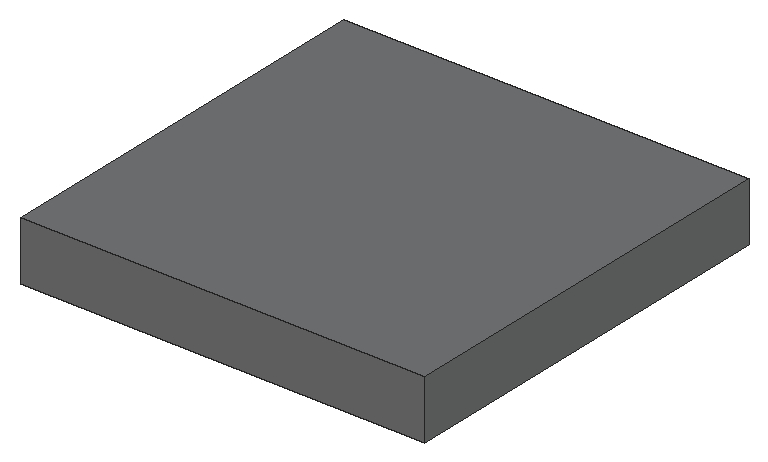
Revit family "Gira_0673005", category Electrical Fixtures, host Face, Revit 2017
Family settings
  Host = Face
  Maintain Annotation Orientation = No
  Round Connector Dimension = Use Diameter
  Part Type = Normal
  Cut with Voids When Loaded = No
  Shared = No
  Room Calculation Point = No
Parameters (values of type "Rocker sym.bell + in.sp. System 55 black m")
  URL = "http://katalog.gira.de/en/datenblatt.html?artikelnr=0673005"
  Name = "Rocker sym.bell + in.sp. System 55 black m"
  Model = "Single rocker"
  Manufacturer URL = "https://www.gira.de/"
  Manufacturer = "Gira"
  Keynote = ""
  HeinzeBIM = "https://bimportal.heinze.de/bim/rocker-sym-bell-in-sp-system-55-black-m/9786c07b48a650af3ac3390e39ed3baaefb6ad96"
  HAN = "0673005"
  GTIN = "4010337038269"
  Description = "Rock.sym.bell in.sp. Sys55 BKm,Rocker with symbol and inscription space,Bell,black matt,"
  Default Elevation = 1219.2 mm
  Data sheet (1) = "https://katalog.gira.de/en/download.html?artikelnr=0673005"
  Category = "Control element/cover plate for domestic switching devices"
  BIM (1) = "https://media.stage.bim.site/public/gira/36a6b08/Sys55_Abdeckung_Schalten und Tasten.rfa?public/gira/36a6b08/Sys55_Abdeckung_Schalten und Tasten.rfa"
  Available = "No"
  Anthrazit [instance] = Anthrazit
Reference planes
  plane 1 "Center (Front/Back)": y = 0
  plane 2: z = 0
  plane 3 "Center (Left/Right)": x = 0
Forms (mm)
  Extrusion 1, solid, material "Anthrazit" <- "Anthrazit", detail levels fine
    sketch origin (0, 0, 0) x (1, 0, 0) y (0, 1, 0)
      loop
        line (-27.5, 27.5) -> (-27.5, -27.5) -> (27.5, -27.5) -> (27.5, 27.5) -> (-27.5, 27.5)
    from 0 to 8
  Extrusion 2, void
    sketch origin (0, 0, 0) x (1, 0, 0) y (0, 1, 0)
      loop
        line (26, 26) -> (-26, 26) -> (-26, -26) -> (26, -26) -> (26, 26)
    from 0 to 6
  Extrusion 3, solid, material "Anthrazit" <- "Anthrazit", detail levels medium
    sketch origin (0, 0, 0) x (1, 0, 0) y (0, 1, 0)
      loop
        line (-27.5, 27.5) -> (-27.5, -27.5) -> (27.5, -27.5) -> (27.5, 27.5) -> (-27.5, 27.5)
    from 0 to 8
  Extrusion 4, solid, material "Anthrazit" <- "Anthrazit", detail levels medium
    sketch origin (0, 0, 0) x (1, 0, 0) y (0, 1, 0)
      loop
        line (11, -17.5) -> (11, 17.5) -> (-11, 17.5) -> (-11, -17.5) -> (11, -17.5)
    from -6 to 6
  Extrusion 5, solid, material "Anthrazit" <- "Anthrazit", detail levels fine
    sketch origin (0, 0, 0) x (1, 0, 0) y (0, 1, 0)
      loop
        line (11, 17.5) -> (-11, 17.5) -> (-11, 16.5) -> (11, 16.5) -> (11, 17.5)
      loop
        line (-11, -16.5) -> (-11, -17.5) -> (11, -17.5) -> (11, -16.5) -> (-11, -16.5)
    from -4 to 6
  Extrusion 6, solid, material "Anthrazit" <- "Anthrazit", detail levels fine
    sketch origin (0, 0, 0) x (1, 0, 0) y (0, 1, 0)
      loop
        arc (5, 9.347) -> (0, 10.6) -> (-5, 9.347) r 10.6
        line (-5, 9.347) -> (-5, -9.347)
        arc (-5, -9.347) -> (0, -10.6) -> (5, -9.347) r 10.6
        line (5, -9.347) -> (5, 9.347)
    from -6 to 6
  Extrusion 7, solid, material "Anthrazit" <- "Anthrazit", detail levels coarse
    sketch origin (0, 0, 0) x (1, 0, 0) y (0, 1, 0)
      loop
        line (-27.5, 27.5) -> (-27.5, -27.5) -> (27.5, -27.5) -> (27.5, 27.5) -> (-27.5, 27.5)
    from -6 to 8
Cuts and joins
  Extrusion 2 cuts Extrusion 1
Dimensions and locks
  aligned and locked: plane 2 to host face
  aligned and locked: level to host face
